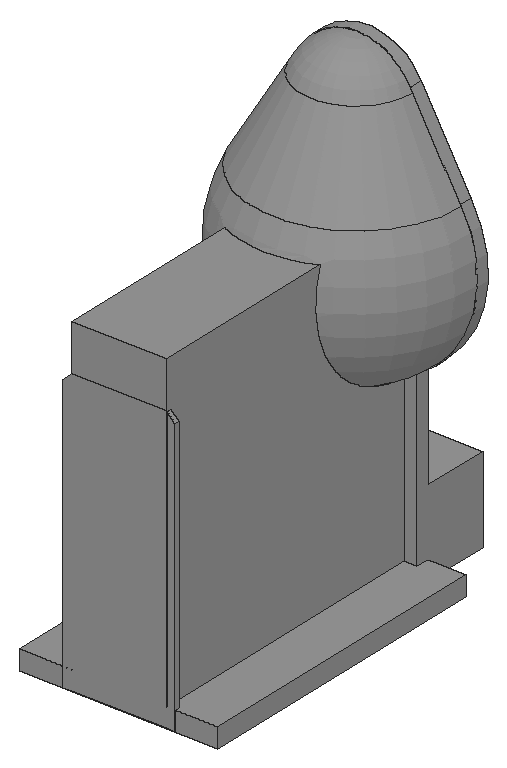
Revit family "Toilet-Willoughby-1490-HET-ETWS-FM-BS-HC", category Plumbing Fixtures, host Face, Revit 2014
Parameters (values of type "Standard")
  Waste DIA = 2 1/4"
  Waste Connection = yes
  Vent Connection = no
  URL = "www.willoughby-ind.com"
  Type Comments = "Siphon Jet Series"
  Revision = "A"
  Model = "ETWS-1490-HET-FM-BS-HC"
  Manufacturer = "Willoughby Industries"
  HW Connection = no
  Flush Inlet DIA = 1 1/2"
  Flush Inlet Connection = yes
  Fixture Body = Stainless Steel AISI 304-Willoughby
  Description = "High Efficiency  HandicapToilet"
  Default Elevation = 0' - 0"
  Contact = "(800) 428-4065"
  CW Connection = no
Reference planes (in)
  plane 1 "Center (Front/Back)": y = 0
  plane 2: z = 0
  plane 3 "Center (Left/Right)": x = 0
  plane 4 "Seat HGT": y = 18
  plane 5 "Top": y = 19
  plane 6: y = 17.25
  plane 7: z = 18.5
  plane 8: z = 14.933
  plane 9: x = 3.25
  plane 10: x = -3.25
  plane 11: z = 17.25
  plane 12: x = 7
  plane 13: z = 20.1875
  plane 14: z = 8
  plane 15: z = 10
  plane 16 "Waste HGT": y = 8.5
  plane 17 "Flush HGT": y = 19.75
  plane 18: x = 2.75
  plane 19: x = -2.75
  plane 20: z = 27.75
  plane 21: x = 5.75
  plane 22: x = -5.75
  plane 23: z = 1.125
  plane 24: z = -3
  plane 25: y = 22
Forms (in)
  Extrusion 1, solid, material "Stainless Steel AISI 304-Willoughby" <- "Fixture Body"
    sketch origin (0, 0, 0) x (1, 0, 0) y (0, 1, 0)
      loop
        line (-5.75, 0) -> (5.75, 0) -> (5.75, 18) -> (-5.75, 18) -> (-5.75, 0)
    from 0 to 1.125
  Revolve 2, solid, material "Stainless Steel AISI 304-Willoughby" <- "Fixture Body"
    sketch origin (-60, 17.25, 57.14981) x (-1, 0, 0) y (0, 0, 1)
      loop
        line (-60, -46.89981) -> (-60, -46.39981)
        arc (-60, -46.39981) -> (-65.42136, -42.59037) -> (-65.23755, -35.96698) r 7
        line (-65.23755, -35.96698) -> (-62.80388, -31.72393) -> (-62.74416, -31.59711)
        arc (-62.74416, -31.59711) -> (-61.61332, -30.35842) -> (-60, -29.89981) r 3.067
        line (-60, -29.89981) -> (-60, -29.39981)
        arc (-60, -29.39981) -> (-61.93389, -29.96955) -> (-63.25, -31.49678) r 3.567
        line (-63.25, -31.49678) -> (-66.0721, -36.41706)
        arc (-66.0721, -36.41706) -> (-66.0572, -43.40842) -> (-60, -46.89981) r 7
      axis (-60, -29.39981) -> (-60, -46.89981)
    angle from 0 to 180
  Extrusion 3, solid, material "Stainless Steel AISI 304-Willoughby" <- "Fixture Body"
    sketch origin (0, 0, 9.20755) x (1, 0, 0) y (0, 0, 1)
      loop
        line (-3.5, 1.93865) -> (-3.5, -8.08255) -> (3.5, -8.08255) -> (3.5, 1.93865)
        arc (3.5, 1.93865) -> (6.77318, 6.23534) -> (6.01269, 11.58294) r 6.99928
        line (6.01269, 11.58294) -> (3.14932, 16.69649)
        arc (3.14932, 16.69649) -> (-0.10896, 18.5408) -> (-3.25, 16.50322) r 3.60945
        line (-3.25, 16.50322) -> (-6.10166, 11.42924)
        arc (-6.10166, 11.42924) -> (-6.75024, 6.14955) -> (-3.5, 1.93865) r 6.99928
      loop
        arc (-4.17861, 9.875) -> (0, 3.42) -> (4.17861, 9.875) r 4.58
        line (4.17861, 9.875) -> (1.45817, 16.45616)
        arc (1.45817, 16.45616) -> (-0.05754, 17.35793) -> (-1.5058, 16.35139) r 1.629
        line (-1.5058, 16.35139) -> (-4.17861, 9.875)
    from -18 to -17.25
  Extrusion 4, solid, material "Stainless Steel AISI 304-Willoughby" <- "Fixture Body"
    sketch origin (0, 0, 9.20827) x (0, 1, 0) y (0, 0, 1)
      loop
        line (0, 10) -> (0, -8.08327) -> (17.25, -8.08327) -> (17.25, 1.50333)
        arc (17.25, 1.50333) -> (12.13093, 4.2568) -> (11.23533, 10) r 6.52933
        line (11.23533, 10) -> (0, 10)
    from 2.75 to -2.75
  Revolve 5, solid, material "Stainless Steel AISI 304-Willoughby" <- "Fixture Body"
    sketch origin (0, 19.75, -24) x (0, 0, -1) y (-1, 0, 0)
      loop
        line (-21, 0) -> (-21, 0.75) -> (-25, 0.75) -> (-25, 0) -> (-21, 0)
      axis (-25, 0) -> (-21, 0)
    angle from 0 to 360
  Revolve 6, solid, material "Stainless Steel AISI 304-Willoughby" <- "Fixture Body"
    sketch origin (0, 8.5, -24) x (0, 0, -1) y (-1, 0, 0)
      loop
        line (-25, 0) -> (-21, 0) -> (-21, 1.125) -> (-25, 1.125) -> (-25, 0)
      axis (-25, 0) -> (-21, 0)
    angle from 0 to 360
  Extrusion 7, solid, material "Stainless Steel AISI 304-Willoughby" <- "Fixture Body"
    sketch origin (0, 0, 0) x (1, 0, 0) y (0, 0, 1)
      loop
        line (3.5, 0) -> (3.5, 5) -> (-3.5, 5) -> (-3.5, 0) -> (3.5, 0)
    from -18 to -22
  Extrusion 8, solid, material "Stainless Steel AISI 304-Willoughby" <- "Fixture Body"
    sketch origin (0, 0, 0) x (1, 0, 0) y (0, 0, 1)
      loop
        line (2.75, 0) -> (3.25, 0) -> (3.25, 16) -> (2.75, 16.5) -> (-2.75, 16.5) -> (-3.25, 16) -> (-3.25, 0) -> (-2.75, 0) -> (2.75, 0)
    from 0 to -0.25
Cuts and joins
  joined: Extrusion 1, Revolve 2, Extrusion 4
  joined: Extrusion 3, Extrusion 7
Lines and regions (in)
  symbolic lines
    curve 1: line (-6.99928, 17.25, 0) -> (-6.99928, 18, 0)
    curve 2: line (-6.99928, 18, 0) -> (6.99928, 18, 0)
    curve 3: line (6.99928, 18, 0) -> (6.99928, 17.25, 0)
    curve 4: line (-3.5, 18, 0) -> (-3.5, 22, 0)
    curve 5: line (-3.5, 22, 0) -> (3.5, 22, 0)
    curve 6: line (3.5, 22, 0) -> (3.5, 18, 0)
    curve 7: line (2.75, 11.1179, 0) -> (2.75, 0, 0)
    curve 8: line (2.75, 0, 0) -> (-2.75, 0, 0)
    curve 9: line (-2.75, 0, 0) -> (-2.75, 11.1179, 0)
    curve 10: line (2.75, 0.25, 0) -> (3.25, 0.25, 0)
    curve 11: line (3.25, 0.25, 0) -> (3.25, 0, 0)
    curve 12: line (-2.75, 0.25, 0) -> (-3.25, 0.25, 0)
    curve 13: line (-3.25, 0.25, 0) -> (-3.25, 0, 0)
    curve 14: line (5.75, 0, 0) -> (-5.75, 0, 0)
    curve 15: arc (6.99928, 17.25, 0) -> (5.84086, 13.39846, 0) -> (2.75, 10.82496, 0) r 6.98206
    curve 16: arc (-2.75, 10.8679, 0) -> (-5.83978, 13.41635, 0) -> (-6.99928, 17.25, 0) r 6.91736
    curve 17: line (5.75, 13.26447, 0) -> (5.75, 0, 0)
    curve 18: line (-5.75, 0, 0) -> (-5.75, 13.28481, 0)
    curve 19: line (-3.5, 0, 1.125) -> (-5.75, 0, 1.125)
    curve 20: line (-5.75, 0, 1.125) -> (-5.75, 0, 0)
    curve 21: line (-5.75, 0, 0) -> (5.75, 0, 0)
    curve 22: line (5.75, 0, 0) -> (5.75, 0, 1.125)
    curve 23: line (5.75, 0, 1.125) -> (3.5, 0, 1.125)
    curve 24: line (-3.5, 0, 0) -> (-3.5, 0, 11.1462)
    curve 25: line (3.5, 0, 0) -> (3.5, 0, 11.1462)
    curve 26: arc (3.5, 0, 11.1462) -> (6.77318, 0, 15.44289) -> (6.01269, 0, 20.7905) r 6.99928
    curve 27: line (6.01269, 0, 20.7905) -> (3.14932, 0, 25.90404)
    curve 28: arc (3.14932, 0, 25.90404) -> (1.82522, 0, 27.2545) -> (0, 0, 27.75) r 3.60945
    curve 29: arc (0, 0, 27.75) -> (-1.93389, 0, 27.18026) -> (-3.25, 0, 25.65303) r 3.567
    curve 30: line (-3.25, 0, 25.65303) -> (-6.0721, 0, 20.73275)
    curve 31: arc (-6.0721, 0, 20.73275) -> (-6.76444, 0, 15.40867) -> (-3.5, 0, 11.1462) r 7.03616
    curve 38: line (0, 11.1179, 19.20827) -> (0, 0, 19.20827)
    curve 39: line (0, 0, 19.20827) -> (0, 0, 0)
    curve 40: line (0, 0, 0) -> (0, 22, 0)
    curve 41: line (0, 22, 0) -> (0, 22, 5)
    curve 42: line (0, 22, 5) -> (0, 18, 5)
    curve 43: line (0, 18, 5) -> (0, 18, 27.75)
    curve 44: line (0, 18, 27.75) -> (0, 17.25, 27.75)
    curve 45: arc (0, 17.25, 27.75) -> (0, 15.31611, 27.18026) -> (0, 14, 25.65303) r 3.567
    curve 46: line (0, 14, 25.65303) -> (0, 11.25, 20.88989)
    curve 47: arc (0, 11.25, 20.88989) -> (0, 10.84167, 20.07091) -> (0, 10.5362, 19.20827) r 7.49509
    curve 48: arc (0, 11.1179, 19.20827) -> (0, 12.06836, 13.43311) -> (0, 17.25, 10.71163) r 6.5649
    curve 49: line (0, 18, 11.1462) -> (0, 17.25, 11.1462)
    curve 50: line (0, 17.25, 11.1462) -> (0, 17.25, 1.125)
    curve 51: line (0, 17.25, 1.125) -> (0, 18, 1.125)
    curve 52: line (0, 18, 1.125) -> (0, 18, 0)
    curve 53: line (0, 17.25, 1.125) -> (0, 0, 1.125)
    curve 54: arc (2.75, 11.1179, 0) -> (0, 10.5295, 0) -> (-2.75, 11.1179, 0) r 6.7205
  symbolic lines, detail levels fine
    curve 32: arc (-4.23311, 0, 18.95602) -> (0.06888, 0, 12.62807) -> (4.17861, 0, 19.08255) r 4.58
    curve 33: line (4.17861, 0, 19.08255) -> (1.45817, 0, 25.66371)
    curve 34: arc (1.45817, 0, 25.66371) -> (0.87479, 0, 26.35044) -> (0, 0, 26.5665) r 1.46669
    curve 35: arc (0, 0, 26.5665) -> (-0.88681, 0, 26.26285) -> (-1.5058, 0, 25.55895) r 1.82444
    curve 36: line (-1.5058, 0, 25.55895) -> (-4.23311, 0, 18.95602)
  symbolic lines, detail levels medium+fine
    curve 37: line (3.5, 0, 5) -> (-3.5, 0, 5)
Dimensions and locks (in)
  equal spacing: plane 9, plane 3 "Center (Left/Right)", plane 10
  plane 9 to plane 10 = 0' - 6 1/2"
  host face to plane 11 = 1' - 5 1/4"
  plane 7 to level = 1' - 6 1/2"
  plane 5 "Top" to plane 1 "Center (Front/Back)" = 1' - 7"
  plane 4 "Seat HGT" to plane 1 "Center (Front/Back)" = 1' - 6"
  plane 16 "Waste HGT" to plane 1 "Center (Front/Back)" = 0' - 8 1/2"  (x2)
  plane 1 "Center (Front/Back)" to plane 16 "Waste HGT" = 0' - 8 1/2"
  plane 1 "Center (Front/Back)" to plane 17 "Flush HGT" = 1' - 7 3/4"
  plane 19 to plane 18 = 0' - 5 1/2"
  plane 6 to plane 1 "Center (Front/Back)" = 1' - 5 1/4"
  level to plane 20 = 2' - 3 3/4"
  plane 22 to plane 21 = 0' - 11 1/2"
  plane 1 "Center (Front/Back)" to plane 4 "Seat HGT" = 1' - 6"
  cut or joined group of Extrusion 3, Extrusion 7 to plane 1 "Center (Front/Back)" = 1' - 10"
  plane 1 "Center (Front/Back)" to plane 25 = 1' - 10"
  plane 22 to plane 3 "Center (Left/Right)" = 0' - 5 3/4"
  plane 25 to plane 1 "Center (Front/Back)" = 1' - 10"
  plane 20 to level = 2' - 3 3/4"
  plane 17 "Flush HGT" to plane 16 "Waste HGT" = 0' - 11 1/4"
  plane 21 to plane 22 = 0' - 11 1/2"
  aligned and locked: plane 2 to host face
  aligned and locked: level to host face
  aligned and locked: plane 21 to Extrusion 1
  aligned and locked: Extrusion 1 to plane 22
  aligned and locked: plane 18 to Extrusion 4
  aligned and locked: Extrusion 4 to plane 19
  aligned and locked: Extrusion 7 to Extrusion 3
  aligned and locked: Extrusion 7 to level
  aligned and locked: Extrusion 3 to Extrusion 7
Automatic sketch dimensions
  host sketch curve to host sketch curve = 3' - 6.09429"
  host sketch curve to host sketch curve = 4' - 3.69331"
  Extrusion 1 sketch curve to plane 5 "Top" = 0' - 1"
  Extrusion 3 sketch curve to Extrusion 3 sketch curve = 0' - 0"  (x4)
  Extrusion 3 sketch curve to plane 10 = 0' - 0"
  Extrusion 3 sketch curve to plane 3 "Center (Left/Right)" = 0' - 0"  (x3)
  plane 14 to Extrusion 3 sketch curve = 0' - 9.20755"
  plane 8 to Extrusion 3 sketch curve = 0' - 9.20755"
  Extrusion 3 sketch curve to plane 10 = 0' - 0 1/4"
  Extrusion 3 sketch curve to plane 10 = 0' - 0.92861"
  Extrusion 3 sketch curve to plane 3 "Center (Left/Right)" = 0' - 1.5058"
  plane 3 "Center (Left/Right)" to Extrusion 3 sketch curve = 0' - 1.45817"
  Extrusion 3 sketch curve to plane 9 = 0' - 0.10068"
  plane 9 to Extrusion 3 sketch curve = 0' - 0 1/4"
  plane 9 to Extrusion 3 sketch curve = 0' - 0.92861"
  level to Extrusion 3 sketch curve = 0' - 11.1462"  (x2)
  plane 14 to Extrusion 3 sketch curve = 0' - 11.08255"
  Extrusion 3 sketch curve to Extrusion 3 sketch curve = 0' - 0.79695"
  plane 8 to Extrusion 3 sketch curve = 0' - 10.62595"
  plane 8 to Extrusion 3 sketch curve = 0' - 10.77778"
  Extrusion 3 sketch curve to Extrusion 3 sketch curve = 0' - 10.0212"
  plane 15 to Extrusion 4 sketch curve = 0' - 9.20827"
  Extrusion 4 sketch curve to plane 6 = 0' - 0"
  plane 6 to Extrusion 4 sketch curve = 0' - 0.21015"
  plane 14 to Extrusion 4 sketch curve = 0' - 9.23755"
  level to Extrusion 4 sketch curve = 0' - 1 1/8"
  Extrusion 4 sketch curve to plane 6 = 0' - 6.01467"
  Revolve 2 sketch curve to Revolve 2 sketch curve = 0' - 0"  (x3)
  Revolve 2 sketch curve to plane 9 = 0' - 0"
  Revolve 2 sketch curve to plane 3 "Center (Left/Right)" = 0' - 0"  (x3)
  Revolve 2 sketch curve to plane 11 = 0' - 0"
  Revolve 2 sketch curve to plane 9 = 0' - 0.44612"
  Revolve 2 sketch curve to Revolve 2 sketch curve = 0' - 0.05972"
  plane 11 to Revolve 2 sketch curve = 0' - 0.45007"
  Revolve 2 sketch curve to plane 3 "Center (Left/Right)" = 0' - 0.83455"
  level to Revolve 2 sketch curve = 0' - 10 3/4"
  Revolve 2 sketch curve to Revolve 2 sketch curve = 0' - 0 1/2"
  plane 8 to Revolve 2 sketch curve = 0' - 9 1/4"
  plane 8 to Revolve 2 sketch curve = 0' - 10.49288"
  Revolve 2 sketch curve to Revolve 2 sketch curve = 0' - 0.12681"
  Revolve 2 sketch curve to Revolve 2 sketch curve = 0' - 0.22715"
  Revolve 6 sketch curve to plane 3 "Center (Left/Right)" = 0' - 0"  (x2)
  level to Revolve 6 sketch curve = 0' - 1"
  Revolve 6 sketch curve to level = 0' - 3"
  Revolve 6 sketch curve to Revolve 6 sketch curve = 0' - 1 1/8"
  Revolve 6 sketch curve to Revolve 6 sketch curve = 0' - 0"
  Revolve 6 sketch curve to Revolve 6 sketch curve = 0' - 1 3/4"
  Revolve 5 sketch curve to plane 3 "Center (Left/Right)" = 0' - 0"  (x2)
  level to Revolve 5 sketch curve = 0' - 1"
  Revolve 5 sketch curve to plane 3 "Center (Left/Right)" = 0' - 0 3/4"
  Revolve 5 sketch curve to level = 0' - 3"
  Revolve 5 sketch curve to Revolve 5 sketch curve = 0' - 0"
  Revolve 5 sketch curve to Revolve 5 sketch curve = 0' - 1 1/2"
  Extrusion 1 sketch curve to plane 10 = 0' - 2 1/2"
  plane 7 to Extrusion 3 sketch curve = 0' - 2.13679"
  plane 9 to Extrusion 1 sketch curve = 0' - 2 1/2"
  plane 7 to Revolve 2 sketch curve = 0' - 2.68282"
  plane 7 to Revolve 2 sketch curve = 0' - 2.23275"
  plane 7 to Extrusion 3 sketch curve = 0' - 2.2905"
  Extrusion 7 sketch curve to level = 0' - 0"
  Extrusion 7 sketch curve to plane 10 = 0' - 0 1/4"
  plane 9 to Extrusion 7 sketch curve = 0' - 0 1/4"
  Extrusion 7 sketch curve to plane 14 = 0' - 3"
  plane 1 "Center (Front/Back)" to Extrusion 1 sketch curve = 0' - 0"
  Extrusion 4 sketch curve to plane 1 "Center (Front/Back)" = 0' - 0"
  Extrusion 8 sketch curve to level = 0' - 0"
  plane 10 to Extrusion 8 sketch curve = 0' - 0"
  Extrusion 8 sketch curve to plane 19 = 0' - 0"
  plane 19 to Extrusion 8 sketch curve = 0' - 0"
  Extrusion 8 sketch curve to plane 18 = 0' - 0"
  plane 18 to Extrusion 8 sketch curve = 0' - 0"
  plane 9 to Extrusion 8 sketch curve = 0' - 0"
  plane 8 to Extrusion 8 sketch curve = 0' - 1.067"
  Extrusion 8 sketch curve to Extrusion 8 sketch curve = 0' - 0 1/2"  (x2)
  curve 26 to curve 32 = 0' - 0"  (x2)
  curve 20 to level = 0' - 0"
  curve 20 to plane 22 = 0' - 0"
  curve 19 to plane 23 = 0' - 0"
  curve 30 to plane 10 = 0' - 0"
  curve 35 to plane 3 "Center (Left/Right)" = 0' - 0"
  curve 32 to plane 3 "Center (Left/Right)" = 0' - 0"
  curve 34 to plane 3 "Center (Left/Right)" = 0' - 0"
  curve 28 to plane 3 "Center (Left/Right)" = 0' - 0"
  curve 23 to plane 23 = 0' - 0"
  curve 23 to plane 21 = 0' - 0"
  curve 28 to plane 20 = 0' - 0"
  curve 29 to plane 20 = 0' - 0"
  curve 30 to plane 22 = 0' - 0.3221"
  plane 7 to curve 36 = 0' - 0.45602"
  curve 36 to plane 10 = 0' - 0.98311"
  curve 24 to plane 10 = 0' - 0 1/4"
  plane 19 to curve 36 = 0' - 1.2442"
  plane 3 "Center (Left/Right)" to curve 31 = 0' - 0.03137"
  plane 3 "Center (Left/Right)" to curve 34 = 0' - 0.10272"
  plane 3 "Center (Left/Right)" to curve 35 = 0' - 0.12778"
  curve 33 to plane 18 = 0' - 1.29183"
  curve 27 to plane 9 = 0' - 0.10068"
  plane 7 to curve 33 = 0' - 0.58255"
  plane 3 "Center (Left/Right)" to curve 33 = 0' - 4.17861"
  plane 21 to curve 27 = 0' - 0.26269"
  plane 15 to curve 24 = 0' - 1.1462"
  plane 15 to curve 25 = 0' - 1.1462"
  curve 26 to curve 31 = 0' - 0.02445"
  curve 28 to curve 28 = 0' - 3.60945"
  curve 28 to curve 29 = 0' - 0.04245"
  curve 29 to curve 35 = 0' - 0.56354"
  curve 35 to curve 34 = 0' - 0.35687"
  plane 9 to curve 37 = 0' - 0 1/4"
  curve 37 to plane 14 = 0' - 3"
  curve 38 to plane 1 "Center (Front/Back)" = 0' - 0"
  curve 49 to plane 6 = 0' - 0"
  curve 44 to plane 6 = 0' - 0"
  curve 52 to level = 0' - 0"
  curve 52 to plane 4 "Seat HGT" = 0' - 0"
  curve 49 to plane 4 "Seat HGT" = 0' - 0"
  curve 40 to plane 25 = 0' - 0"
  curve 53 to plane 23 = 0' - 0"
  curve 44 to plane 20 = 0' - 0"
  plane 7 to curve 38 = 0' - 0.70827"
  plane 16 "Waste HGT" to curve 38 = 0' - 2.6179"
  curve 48 to curve 46 = 0' - 0.1321"
  curve 46 to plane 20 = 0' - 2.09697"
  curve 46 to curve 45 = 0' - 3 1/4"
  plane 6 to curve 48 = 0' - 0.14169"
  curve 47 to plane 4 "Seat HGT" = 0' - 0.25906"
  curve 42 to plane 14 = 0' - 3"
  plane 15 to curve 49 = 0' - 1.1462"
  curve 47 to plane 7 = 0' - 1.35766"
  curve 47 to curve 48 = 0' - 0.13266"
  curve 48 to curve 46 = 0' - 1.68162"
  curve 1 to plane 6 = 0' - 0"
  curve 1 to plane 4 "Seat HGT" = 0' - 0"
  curve 18 to plane 22 = 0' - 0"
  curve 5 to plane 25 = 0' - 0"
  plane 1 "Center (Front/Back)" to curve 13 = 0' - 0"
  curve 13 to plane 10 = 0' - 0"
  curve 54 to plane 19 = 0' - 0"
  curve 54 to plane 3 "Center (Left/Right)" = 0' - 0"
  curve 15 to plane 6 = 0' - 0"
  plane 1 "Center (Front/Back)" to curve 7 = 0' - 0"
  curve 7 to plane 18 = 0' - 0"
  curve 11 to plane 9 = 0' - 0"
  curve 17 to plane 21 = 0' - 0"
  curve 54 to plane 6 = 0' - 0"
  curve 2 to plane 22 = 0' - 1.24928"
  curve 5 to plane 10 = 0' - 0 1/4"
  curve 16 to curve 54 = 0' - 0.08192"
  plane 3 "Center (Left/Right)" to curve 15 = 0' - 0.01722"
  plane 9 to curve 5 = 0' - 0 1/4"
  plane 21 to curve 3 = 0' - 1.24928"
  curve 10 to plane 1 "Center (Front/Back)" = 0' - 0 1/4"
  curve 12 to plane 1 "Center (Front/Back)" = 0' - 0 1/4"
  curve 15 to curve 54 = 0' - 0.29294"
Connectors (in)
  piping at (0, 8.5, -3), diameter 2.25, driven by "Waste Connection", driven by "Waste DIA"
    settings: on Revolve 6, index 1, connector inside diameter 24", connector length 0' - 0", flow factor 0, pipe flow 0 GPM, pressure drop 0.00 psi, fitting loss kfactor 0, connector angle 0.00°, fixture units 0, engagement length 0' - 0", angle of deflection 0.00°, flow configuration 0, flow direction 2, fitting loss method 0, system type 16, joint type 0, gender type 0, connector reference index -1, connector utility 1, adjustable connector no, is connector primary yes, connector description "Toilet Waste"
  piping at (0, 19.75, -3), diameter 1.5, driven by "Flush Inlet Connection", driven by "Flush Inlet DIA"
    settings: on Revolve 5, index 2, connector inside diameter 24", connector length 0' - 0", flow factor 0, pipe flow 0 GPM, pressure drop 0.00 psi, fitting loss kfactor 0, connector angle 0.00°, fixture units 0, engagement length 0' - 0", angle of deflection 0.00°, flow configuration 0, flow direction 1, fitting loss method 0, system type 20, joint type 0, gender type 0, connector reference index -1, connector utility 1, adjustable connector no, is connector primary no, connector description "Flush Inlet"
